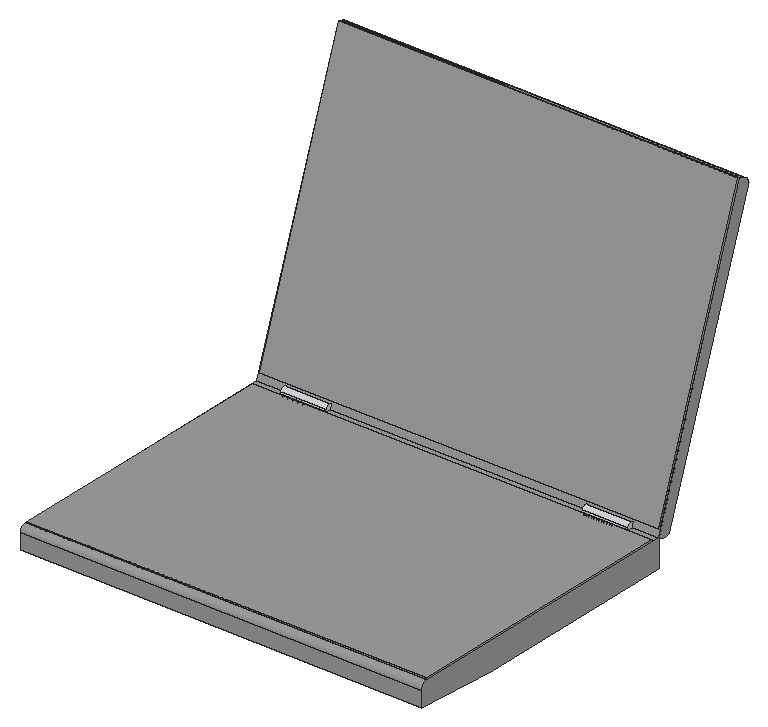
Revit family "Computer Laptop Toshiba", category Generic Models, Revit 2012
Reference planes
  plane 1 "Center (Front/Back)": y = 0
  plane 2: z = 0
  plane 3 "Center (Left/Right)": x = 0
  plane 4: x = 180
  plane 5: x = -180
  plane 6: through (4267.2, 0, 24.422) normal (0, -0.9397, 0.342)
Forms (mm)
  Extrusion 1, solid, material "-Comp Laptop Plastic Black"
    sketch origin (-180, -0.567, 0) x (0, 1, 0) y (0, 0, 1)
      loop
        line (0.567, 0) -> (0.567, 25) -> (-259, 25)
        arc (-259, 25) -> (-263.243, 23.243) -> (-265, 19) r 6
        line (-265, 19) -> (-265, 5.398) -> (-187.811, 0) -> (0.567, 0)
    from 0 to 360
  Extrusion 2, solid, material "-Comp Laptop Lid Decal"
    sketch origin (-180, -23.277, 34.138) x (0, -0.344251, -0.938878) y (0, 0.938878, -0.344251)
      loop
        line (0.567, 25) -> (0.567, 31)
        arc (0.567, 31) -> (-1.191, 35.243) -> (-5.433, 37) r 6
        line (-5.433, 37) -> (-258.401, 37)
        arc (-258.401, 37) -> (-263.067, 35.067) -> (-265, 30.401) r 6.599
        line (-265, 30.401) -> (-265, 25) -> (0.567, 25)
    from 0 to 360
  Extrusion 3, solid, material "-Comp Laptop Keys Decal"
    sketch origin (-179, -0.567, -12) x (0, 1, 0) y (0, 0, 1)
      loop
        line (-258.401, 38) -> (-258.401, 35) -> (-5.692, 35) -> (-5.692, 38) -> (-258.401, 38)
    from 0 to 358
  Extrusion 4, solid
    sketch origin (0, -8.606, 1.528) x (0, 0.938878, -0.344251) y (0, 0.344251, 0.938878)
      loop
        circle (0, 25) r 4
    from 114.891 to 155.676
  Extrusion 5, solid
    sketch origin (0, -8.606, 1.528) x (0, 0.938878, -0.344251) y (0, -0.344251, -0.938878)
      loop
        circle (0, -25) r 4
    from 114.891 to 155.676
  Extrusion 6, solid, material "-Comp Laptop Screen Decal"
    sketch origin (0, -6.729, 0.84) x (1, 0, 0) y (0, 0.344251, 0.938878)
      loop
        line (-179, 290.567) -> (-179, 31.259) -> (179, 31.259) -> (179, 290.567) -> (-179, 290.567)
    from 0 to 3
Dimensions and locks
  aligned and locked: level to plane 2
